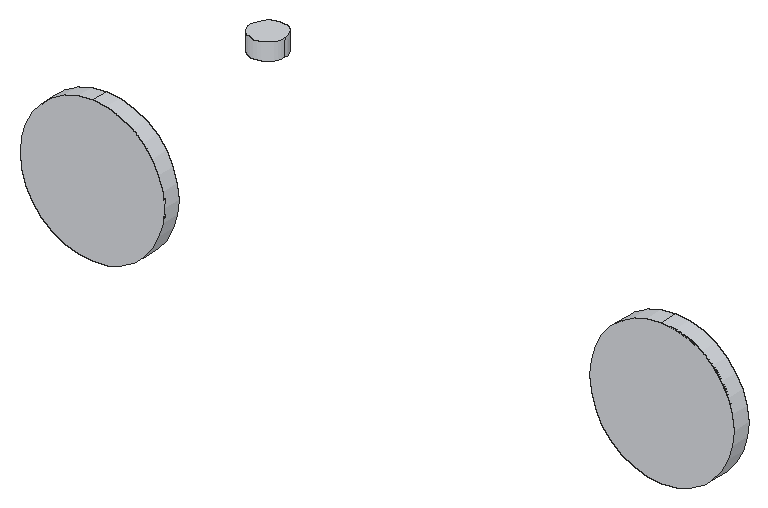
Revit family "DEX27_002_BIM", category HLS-Bauteile, Revit 2018
Family settings
  Bemaßung runder Anschluss = Durchmesser verwenden
  Klassifizierung = Keine
  Teiletyp = Normal
  OmniClass-Nummer = 23.65.35.11.14
  OmniClass-Titel = Instantaneous Water Heaters
  Arbeitsebenenbasiert = Nein
  Immer vertikal = Ja
  Beim Laden mit Abzugskörper schneiden = Nein
  Gemeinsam genutzt = Nein
  Raumberechnungspunkt = Nein
Parameters (values of type "Norm")
  Verbindung_2_Durchmesser = 0 mm
  Verbindung_1_Durchmesser = 0 mm
  URL = "https://www.clage.de/de/Produkte/E-Komfortdurchlauferhitzer/DEX"
  Modell = "DEX"
  Hersteller = "Clage GmbH"
  Beschreibung = "E-Komfortdurchlauferhitzer"
Reference planes
  plane 1 "Mitte (Vorne/Hinten)": y = 0
  plane 2: z = 0
  plane 3 "Mitte (Links/Rechts)": x = 0
Forms (mm)
  Extrusion 1, solid
    sketch origin (43.41, 45.316, -176.248) x (0, 0, 1) y (1, 0, 0)
      loop
        circle (0, 0) r 12.7
    from 0 to -3.048
  Extrusion 2, solid
    sketch origin (-56.59, 45.116, -176.238) x (0, 0, 1) y (1, 0, 0)
      loop
        circle (0, 0) r 12.7
    from 0 to -3.048
  Extrusion 3, solid
    sketch origin (2.31, 6.997, -119.648) x (0, 1, 0) y (1, 0, 0)
      loop
        circle (0, 0) r 3.048
    from 0 to -3.048
Dimensions and locks
  aligned and locked: level to plane 2
Connectors
  piping at (43.41, 45.316, -176.248), diameter 12.7
    settings: on Extrusion 1, index 1, connector inside diameter 609.6 mm, connector length 0 mm, flow factor 0, pipe flow 13.8 L/s, pressure drop 104500.0 Pa, fitting loss kfactor 0, connector angle 0.00°, fixture units 0, engagement length 0 mm, angle of deflection 0.00°, flow configuration 1, flow direction 1, fitting loss method 4, system type 20, joint type 0, gender type 0, connector reference index -1, connector utility 0, adjustable connector no, is connector primary yes, connector description ""
  piping at (-56.59, 45.116, -176.238), diameter 12.7
    settings: on Extrusion 2, index 2, connector inside diameter 609.6 mm, connector length 0 mm, flow factor 0, pipe flow 13.8 L/s, pressure drop 104500.0 Pa, fitting loss kfactor 0, connector angle 0.00°, fixture units 0, engagement length 0 mm, angle of deflection 0.00°, flow configuration 1, flow direction 2, fitting loss method 4, system type 19, joint type 0, gender type 0, connector reference index -1, connector utility 0, adjustable connector no, is connector primary no, connector description ""
  electrical at (2.31, 6.997, -119.648)
    settings: on Extrusion 3, index 3, voltage 400 V, apparent load 0 VA, apparent load phase1 0 VA, apparent load phase2 0 VA, apparent load phase3 0 VA, power factor 0, load classification "Sonstige", number of poles 3, system type 30, power factor state 1, is connector primary yes, connector utility no, sub classification motor no, connector description ""
